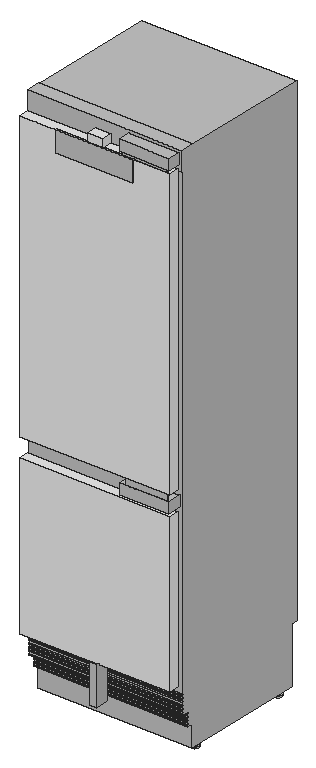
Revit family "FP-Revit18-RS2484WRUK1-FridgeFreezer-0-CA-US-90001070A", category Specialty Equipment, Revit 2020
Family settings
  Round Connector Dimension = Use Diameter
  Part Type = Normal
  OmniClass Number = 23.40.40.11.11
  OmniClass Title = Refrigerators and Freezers
  Work Plane-Based = No
  Always vertical = Yes
  Cut with Voids When Loaded = Yes
  Shared = No
  Room Calculation Point = No
Parameters (values of type "RS2484WRUE1")
  Visibility - Water Connection = yes
  Visibility - Visibility Control Note = yes
  Visibility - Clearance Required = yes
  URL = "www.fisherpaykel.com"
  Stainless Steel Door Panels (RD2484WRD) = no
  Product - Width = 603 mm  # constant formula
  Product - Height = 2134 mm  # constant formula
  Product - Depth (exl front panel) = 610 mm  # constant formula
  Model = "RS2484WRUE1"
  Material - Handle = Fisher & Paykel - Aluminium
  Material - Door Structure = Fisher & Paykel - White
  Material - Door Front = Fisher & Paykel - Stainless Steel
  Material - Body = Fisher & Paykel - Grey
  Manufacturer = "Fisher & Paykel Appliances"
  Handle Style - Professional Square (AHV2RD2484W) = no
  Handle Style - Professional Round Flush (AHP3RD2484W) = no
  Handle Style - Professional Round (AHCRD2484W) = no
  Handle Style - Contemporary Square Fine Black (AHD5RD2484WB) = no
  Handle Style - Contemporary Square Fine (AHD5RD2484W) = no
  Handle Style - Contemporary Square (AHD3RD2484W) = no
  Handle Style - Contemporary Round (AHSRD2484W) = no
  Description = "24\" Integrated Column Refrigerator/Freezer with Ice & Water"
  Default Elevation = 0 mm
  Connector Description - Water = "1/4\" (6mm) comp. stainless steel braided hose"
  Connector Description - Electrical = "120 V, 10 amp fused electrical supply"
  Cavity - Width = 610 mm  # constant formula
  Cavity - Height = 2134 mm  # constant formula
  Cavity - Depth = 635 mm  # constant formula
Reference planes
  plane 1 "Datum": y = 0
  plane 2: z = 0
  plane 3 "Center (Left/Right)": x = 0
  plane 4 "Product LHS": x = -301.5
  plane 5 "Product RHS": x = 301.5
  plane 6 "Product - Depth": y = 610
  plane 7 "Cavity LHS": x = -305
  plane 8 "Cavity RHS": x = 305
  plane 9 "Cavity - Depth": y = 635
  plane 10 "Handle Offset": x = -238.5
  plane 11 "Product Height": z = 2134
  plane 12 "Cavity Height": z = 2134
  plane 13 "Door Panel Datum": y = -4.1
Forms (mm)
  Extrusion 1, solid, material "Fisher & Paykel - Grey" <- "Material - Body", detail levels fine
    sketch origin (0, 0, 0) x (0, 1, 0) y (0, 0, 1)
      loop
        line (100.1, 19.1) -> (587.9, 19.1) -> (587.9, 239.7) -> (610, 239.7) -> (610, 2132.3) -> (105.1, 2132.3) -> (105.1, 2134) -> (49.9, 2134) -> (49.9, 2059) -> (56, 2059) -> (56, 228.6) -> (59.5, 228.6) -> (59.5, 219.7) -> (56.5, 219.7) -> (56.5, 215.9) -> (59.5, 215.9) -> (59.5, 207) -> (56.5, 207) -> (56.5, 203.2) -> (59.5, 203.2) -> (59.5, 194.3) -> (56.5, 194.3) -> (56.5, 190.5) -> (59.5, 190.5) -> (59.5, 181.6) -> (56.5, 181.6) -> (56.5, 177.8) -> (59.5, 177.8) -> (59.5, 168.9) -> (56.5, 168.9) -> (56.5, 165.1) -> (59.5, 165.1) -> (59.5, 156.2) -> (56.5, 156.2) -> (56.5, 152.4) -> (84.1, 152.4) -> (84.1, 143.5) -> (81.1, 143.5) -> (81.1, 139.7) -> (84.1, 139.7) -> (84.1, 130.8) -> (81.1, 130.8) -> (81.1, 127) -> (84.1, 127) -> (84.1, 118.1) -> (81.1, 118.1) -> (81.1, 114.3) -> (84.1, 114.3) -> (84.1, 105.4) -> (81.1, 105.4) -> (81.1, 101.6) -> (100.1, 101.6) -> (100.1, 19.1)
    from -301.5 to 301.5
  Extrusion 2, solid, material "Fisher & Paykel - Grey" <- "Material - Body"
    sketch origin (0, 0, 0) x (1, 0, 0) y (0, 1, 0)
      loop
        circle (-281, 547.8) r 4.1
      loop
        circle (-281, 141.8) r 4.1
      loop
        circle (281, 547.8) r 4.1
      loop
        circle (281, 141.8) r 4.1
    from 3 to 19.1
  Extrusion 3, solid, material "Fisher & Paykel - Grey" <- "Material - Body"
    sketch origin (0, 0, 0) x (1, 0, 0) y (0, 1, 0)
      loop
        circle (-281, 547.8) r 14.5
      loop
        circle (-281, 141.8) r 14.555
      loop
        circle (281, 547.8) r 14.5
      loop
        circle (281, 141.8) r 14.555
    from 0 to 3
  Extrusion 4, solid, material "Fisher & Paykel - Grey" <- "Material - Body", detail levels fine
    sketch origin (0, 0, 0) x (1, 0, 0) y (0, 1, 0)
      loop
        line (-7.5, 49) -> (-13.797, -4.1) -> (13.797, -4.1) -> (7.5, 49) -> (-7.5, 49)
    from 104.2 to 253.8
  Extrusion 5, solid, material "Fisher & Paykel - Grey" <- "Material - Body", detail levels fine
    sketch origin (0, 0, 0) x (1, 0, 0) y (0, 0, 1)
      loop
        line (289.9, 2123.15) -> (95.42, 2123.15) -> (95.42, 2081.05) -> (289.9, 2081.05) -> (289.9, 2123.15)
    from -49 to -2.5
  Extrusion 6, solid, material "Fisher & Paykel - Grey" <- "Material - Body", detail levels fine
    sketch origin (0, 0, 0) x (0, 1, 0) y (0, 0, 1)
      loop
        line (0, 2070.6) -> (0, 1988.6) -> (2, 1988.6) -> (2, 2068.6) -> (4, 2068.6) -> (4, 2070.6) -> (0, 2070.6)
    from -150 to 150
  Extrusion 7, solid, material "Fisher & Paykel - Grey" <- "Material - Body"
    sketch origin (0, 0, 0) x (1, 0, 0) y (0, 0, 1)
      loop
        circle (226.5, 119.813) r 5
      loop
        circle (-226.5, 119.813) r 5
    from -590 to -587.9
  Extrusion 8, solid, material "Fisher & Paykel - White" <- "Material - Door Structure"
    sketch origin (0, 0, 0) x (1, 0, 0) y (0, 1, 0)
      loop
        line (-276.5, 56) -> (-276.5, 42) -> (276.5, 42) -> (276.5, 56) -> (-276.5, 56)
    from 951.3 to 2030.7
  Extrusion 9, solid, material "Fisher & Paykel - White" <- "Material - Door Structure"
    sketch origin (0, 0, 0) x (1, 0, 0) y (0, 1, 0)
      loop
        line (-292.9, 42) -> (-292.9, 3) -> (292.9, 3) -> (292.9, 42) -> (-292.9, 42)
    from 943.8 to 2068.6
  Extrusion 10, solid, material "Fisher & Paykel - White" <- "Material - Door Structure", detail levels fine
    sketch origin (0, 0, 0) x (1, 0, 0) y (0, 0, 1)
      loop
        line (-29.5, 2100.1) -> (-29.5, 2068.6) -> (29.5, 2068.6) -> (29.5, 2100.1) -> (-29.5, 2100.1)
    from -42 to -3
  Extrusion 11, solid, material "Fisher & Paykel - Stainless Steel" <- "Material - Door Front", visible <- "Stainless Steel Door Panels (RD2484WRD)"
    sketch origin (0, 0, 0) x (0, 1, 0) y (0, 0, 1)
      loop
        line (-22.1, 2130.8) -> (-22.1, 876.3) -> (-4.1, 876.3) -> (-4.1, 2130.8) -> (-22.1, 2130.8)
      loop
        line (-22.1, 102) -> (-4.1, 102) -> (-4.1, 873.1) -> (-22.1, 873.1) -> (-22.1, 102)
    from -301.5 to 301.5
  Extrusion 12, solid, material "Fisher & Paykel - Grey" <- "Material - Body", detail levels coarse+medium
    sketch origin (0, 0, 0) x (0, 1, 0) y (0, 0, 1)
      loop
        line (49.9, 2134) -> (49.9, 2059) -> (56, 2059) -> (56, 152.4) -> (81.1, 152.4) -> (81.1, 101.6) -> (100.1, 101.6) -> (100.1, 19.1) -> (587.9, 19.1) -> (587.9, 239.7) -> (610, 239.7) -> (610, 2134) -> (49.9, 2134)
    from -301.5 to 301.5
  Extrusion 13, solid, material "Fisher & Paykel - Grey" <- "Material - Body", detail levels fine
    sketch origin (0, 0, 0) x (1, 0, 0) y (0, 0, 1)
      loop
        line (289.9, 877.25) -> (289.9, 919.35) -> (95.42, 919.35) -> (95.42, 877.25) -> (289.9, 877.25)
    from -56 to -2.5
  Extrusion 14, solid, material "Fisher & Paykel - Grey" <- "Material - Body", detail levels fine
    sketch origin (0, 0, -4) x (0, 1, 0) y (0, 0, 1)
      loop
        arc (163.888, 23.1) -> (180.4, 13.63) -> (196.912, 23.1) r 19.13
        line (196.912, 23.1) -> (163.888, 23.1)
      loop
        arc (493.888, 23.1) -> (510.4, 13.63) -> (526.912, 23.1) r 19.13
        line (526.912, 23.1) -> (493.888, 23.1)
    from 191 to 219
  Extrusion 15, solid, material "Fisher & Paykel - Grey" <- "Material - Body", detail levels fine
    sketch origin (0, 0, -4) x (0, 1, 0) y (0, 0, -1)
      loop
        line (163.888, -23.1) -> (196.912, -23.1)
        arc (196.912, -23.1) -> (180.4, -13.63) -> (163.888, -23.1) r 19.13
      loop
        line (493.888, -23.1) -> (526.912, -23.1)
        arc (526.912, -23.1) -> (510.4, -13.63) -> (493.888, -23.1) r 19.13
    from 191 to 219
  Extrusion 16, solid, material "Fisher & Paykel - Clearance Required", visible <- "Visibility - Clearance Required", detail levels coarse
    sketch origin (0, 0, 0) x (1, 0, 0) y (0, 1, 0)
      loop
        line (-305, 635) -> (-305, -4.1) -> (305, -4.1) -> (305, 635) -> (-305, 635)
    from 0 to 2134
  Extrusion 17, void
    sketch origin (0, 0, 0) x (1, 0, 0) y (0, 1, 0)
      loop
        line (-305, 635) -> (-305, -22.1) -> (305, -22.1) -> (305, 635) -> (-305, 635)
    from 0 to 2134
  Extrusion 18, solid, material "Fisher & Paykel - Grey" <- "Material - Body", detail levels fine
    sketch origin (0, 0, 0) x (1, 0, 0) y (0, 0, 1)
      loop
        line (118.4, 943.8) -> (118.4, 919.35) -> (282.9, 919.35) -> (282.9, 943.8) -> (118.4, 943.8)
      loop
        line (106, 2081.05) -> (106, 2068.6) -> (282.9, 2068.6) -> (282.9, 2076.05) -> (242.9, 2081.05) -> (106, 2081.05)
    from -7 to -4
  Extrusion 19, solid, material "Fisher & Paykel - White" <- "Material - Door Structure"
    sketch origin (0, 0, 0) x (1, 0, 0) y (0, 1, 0)
      loop
        line (-292.9, 42) -> (-292.9, 3) -> (292.9, 3) -> (292.9, 42) -> (-292.9, 42)
    from 253.8 to 868.15
  Extrusion 20, solid, material "Fisher & Paykel - White" <- "Material - Door Structure"
    sketch origin (0, 0, 0) x (1, 0, 0) y (0, 1, 0)
      loop
        line (-276.5, 56) -> (-276.5, 42) -> (276.5, 42) -> (276.5, 56) -> (-276.5, 56)
    from 269.2 to 858.13
  Extrusion 21, solid, material "Fisher & Paykel - Clearance Required", visible <- "Visibility - Clearance Required", detail levels coarse
    sketch origin (0, 0, 0) x (0, 1, 0) y (0, 0, 1)
      loop
        line (-422.1, 873.1) -> (-422.1, 818.896) -> (-482.1, 818.896) -> (-482.1, 781.896) -> (-422.1, 781.896) -> (-422.1, 101.6) -> (-22.1, 101.6) -> (-22.1, 873.1) -> (-422.1, 873.1)
    from -305 to 305
  Extrusion 22, solid, material "Fisher & Paykel - Clearance Required", visible <- "Visibility - Clearance Required", detail levels coarse
    sketch origin (0, 0, 0) x (1, 0, 0) y (0, 1, 0)
      loop
        line (301.5, -22.1) -> (-301.5, -22.1)
        arc (-301.5, -22.1) -> (-14.693, -560.645) -> (593.641, -607.752) r 633.927
        line (593.641, -607.752) -> (571.638, -560.412) -> (599.086, -547.613)
        arc (599.086, -547.613) -> (608.033, -523.032) -> (583.452, -514.085) r 18.497
        line (583.452, -514.085) -> (556.046, -526.865) -> (339.359, -60.653)
        arc (339.359, -60.653) -> (304.469, -57.05) -> (301.5, -22.1) r 27.5
    from 876.3 to 2134
Lines and regions (mm)
  model lines, style "Fisher & Paykel"
    curve 1: line (-301.5, 0, 2130.8) -> (301.5, 0, 2130.8)
    curve 2: line (-301.5, 0, 876.3) -> (-301.5, 0, 2130.8)
    curve 3: line (301.5, 0, 876.3) -> (-301.5, 0, 876.3)
    curve 4: line (301.5, 0, 2130.8) -> (301.5, 0, 876.3)
    curve 5: line (301.5, 0, 873.1) -> (-301.5, 0, 873.1)
    curve 6: line (301.5, 0, 102) -> (301.5, 0, 873.1)
    curve 7: line (-301.5, 0, 102) -> (301.5, 0, 102)
    curve 8: line (-301.5, 0, 873.1) -> (-301.5, 0, 102)
Text (mm)
  text "Due to ongoing product development, product details are subject to change without notice. \nPlease always refer to www.fisherpaykel.com for the most current product information. \n© Fisher & Paykel 2020" at (41.04, -678.295, 0), in view "Ref. Level (Plan)"
Dimensions and locks
  equal spacing: plane 4 "Product LHS", plane 3 "Center (Left/Right)", plane 5 "Product RHS"
  "Product - Width": plane 4 "Product LHS" to plane 5 "Product RHS"
  "Product - Depth (exl front panel)": plane 1 "Datum" to plane 6 "Product - Depth"
  equal spacing: plane 7 "Cavity LHS", plane 3 "Center (Left/Right)", plane 8 "Cavity RHS"
  "Cavity - Width": plane 7 "Cavity LHS" to plane 8 "Cavity RHS"
  "Cavity - Depth": plane 9 "Cavity - Depth" to plane 1 "Datum"
  plane 4 "Product LHS" to Extrusion 2 sketch curve = 24.6 mm
  plane 4 "Product LHS" to plane 10 "Handle Offset" = 63 mm
  Extrusion 7 sketch curve to Extrusion 1 = 119.887 mm  (x2)
  Extrusion 7 sketch curve to plane 5 "Product RHS" = 75 mm
  plane 4 "Product LHS" to Extrusion 7 sketch curve = 75 mm
  Extrusion 1 sketch curve to Extrusion 1 sketch curve = 82.5 mm
  Extrusion 1 sketch curve to Extrusion 1 sketch curve = 209.5 mm
  Extrusion 1 sketch curve to Extrusion 1 sketch curve = 220.6 mm
  Extrusion 3 to level = 3 mm
  Extrusion 12 to Extrusion 9 = 924.7 mm
  Extrusion 12 to Extrusion 8 = 932.2 mm
  Extrusion 12 to Extrusion 12 = 2114.9 mm
  Extrusion 12 to Extrusion 11 = 82.9 mm
  "Product - Height": level to plane 11 "Product Height"
  plane 11 "Product Height" to Extrusion 11 = 3.2 mm
  Extrusion 9 to plane 11 "Product Height" = 65.4 mm
  Extrusion 8 to plane 11 "Product Height" = 103.3 mm
  Extrusion 12 sketch curve to plane 11 "Product Height" = 75 mm
  Extrusion 1 sketch curve to plane 11 "Product Height" = 1.7 mm
  Extrusion 1 sketch curve to plane 11 "Product Height" = 75 mm
  "Cavity - Height": plane 12 "Cavity Height" to level
  plane 1 "Datum" to Extrusion 16 = 635 mm
  plane 1 "Datum" to Extrusion 17 = 635 mm
  Extrusion 18 sketch curve to Extrusion 18 sketch curve = 40 mm
  Extrusion 18 sketch curve to plane 3 "Center (Left/Right)" = 106 mm
  Extrusion 18 sketch curve to Extrusion 18 sketch curve = 176.9 mm
  Extrusion 18 sketch curve to plane 3 "Center (Left/Right)" = 118.4 mm
  plane 3 "Center (Left/Right)" to Extrusion 18 sketch curve = 282.9 mm
  Extrusion 17 to level = 2134 mm
  radius of Extrusion 7 sketch curve = 5 mm
  aligned and locked: level to plane 2
  aligned and locked: Extrusion 11 to plane 5 "Product RHS"
  aligned and locked: plane 4 "Product LHS" to Extrusion 11
  aligned and locked: Extrusion 12 to plane 5 "Product RHS"
  aligned and locked: Extrusion 12 to plane 4 "Product LHS"
  aligned and locked: Extrusion 12 sketch curve to plane 11 "Product Height"
  aligned and locked: plane 11 "Product Height" to Extrusion 1 sketch curve
  aligned and locked: Extrusion 14 sketch curve to Extrusion 14 sketch curve
  aligned and locked: Extrusion 15 sketch curve to Extrusion 15 sketch curve
  aligned and locked: Extrusion 1 to plane 5 "Product RHS"
  aligned and locked: plane 4 "Product LHS" to Extrusion 1
  aligned and locked: nested 2 to plane 10 "Handle Offset"
  aligned and locked: nested 3 to plane 10 "Handle Offset"
  aligned and locked: nested 4 to plane 10 "Handle Offset"
  aligned and locked: nested 5 to plane 10 "Handle Offset"
  aligned and locked: nested 6 to plane 10 "Handle Offset"
  aligned and locked: nested 7 to plane 10 "Handle Offset"
  aligned and locked: nested 8 to plane 10 "Handle Offset"
Automatic sketch dimensions
  Extrusion 1 sketch curve to plane 6 "Product - Depth" = 0 mm
  Extrusion 1 sketch curve to Extrusion 1 sketch curve = 22.1 mm
  Extrusion 1 sketch curve to plane 1 "Datum" = 105.1 mm
  level to Extrusion 1 sketch curve = 19.1 mm
  Extrusion 1 sketch curve to plane 1 "Datum" = 100.1 mm
  Extrusion 1 sketch curve to Extrusion 1 sketch curve = 16 mm
  Extrusion 1 sketch curve to Extrusion 1 sketch curve = 0 mm  (x8)
  Extrusion 1 sketch curve to Extrusion 1 sketch curve = 3 mm  (x10)
  Extrusion 1 sketch curve to plane 1 "Datum" = 59.5 mm
  Extrusion 1 sketch curve to plane 1 "Datum" = 56 mm
  Extrusion 1 sketch curve to plane 1 "Datum" = 49.9 mm
  Extrusion 1 sketch curve to Extrusion 1 sketch curve = 3.8 mm  (x10)
  Extrusion 1 sketch curve to Extrusion 1 sketch curve = 8.9 mm  (x9)
  Extrusion 2 sketch curve to plane 4 "Product LHS" = 20.5 mm  (x2)
  plane 5 "Product RHS" to Extrusion 2 sketch curve = 20.5 mm  (x2)
  Extrusion 2 sketch curve to plane 1 "Datum" = 141.8 mm  (x2)
  Extrusion 2 sketch curve to plane 6 "Product - Depth" = 62.2 mm  (x2)
  Extrusion 3 sketch curve to plane 4 "Product LHS" = 20.5 mm  (x2)
  plane 5 "Product RHS" to Extrusion 3 sketch curve = 20.5 mm  (x2)
  Extrusion 3 sketch curve to plane 1 "Datum" = 141.8 mm  (x2)
  Extrusion 3 sketch curve to plane 6 "Product - Depth" = 62.2 mm  (x2)
  plane 1 "Datum" to Extrusion 4 sketch curve = 4.1 mm
  Extrusion 4 sketch curve to plane 3 "Center (Left/Right)" = 13.797 mm
  Extrusion 4 sketch curve to plane 3 "Center (Left/Right)" = 7.5 mm
  plane 3 "Center (Left/Right)" to Extrusion 4 sketch curve = 7.5 mm
  plane 3 "Center (Left/Right)" to Extrusion 4 sketch curve = 13.797 mm
  Extrusion 4 sketch curve to plane 1 "Datum" = 49 mm
  plane 11 "Product Height" to Extrusion 5 sketch curve = 10.85 mm
  plane 3 "Center (Left/Right)" to Extrusion 5 sketch curve = 95.42 mm
  plane 5 "Product RHS" to Extrusion 5 sketch curve = 11.6 mm
  Extrusion 5 sketch curve to Extrusion 5 sketch curve = 42.1 mm
  Extrusion 6 sketch curve to plane 1 "Datum" = 0 mm
  Extrusion 6 sketch curve to plane 1 "Datum" = 2 mm
  Extrusion 6 sketch curve to Extrusion 6 sketch curve = 2 mm  (x2)
  plane 11 "Product Height" to Extrusion 6 sketch curve = 145.4 mm
  plane 11 "Product Height" to Extrusion 6 sketch curve = 65.4 mm
  Extrusion 8 sketch curve to plane 4 "Product LHS" = 25 mm
  plane 5 "Product RHS" to Extrusion 8 sketch curve = 25 mm
  Extrusion 8 sketch curve to plane 1 "Datum" = 42 mm
  Extrusion 8 sketch curve to Extrusion 8 sketch curve = 14 mm
  Extrusion 9 sketch curve to plane 1 "Datum" = 3 mm
  Extrusion 9 sketch curve to plane 4 "Product LHS" = 8.6 mm
  plane 5 "Product RHS" to Extrusion 9 sketch curve = 8.6 mm
  Extrusion 9 sketch curve to Extrusion 9 sketch curve = 39 mm
  Extrusion 10 sketch curve to plane 3 "Center (Left/Right)" = 29.5 mm
  plane 3 "Center (Left/Right)" to Extrusion 10 sketch curve = 29.5 mm
  plane 11 "Product Height" to Extrusion 10 sketch curve = 65.4 mm
  Extrusion 10 sketch curve to Extrusion 10 sketch curve = 31.5 mm
  Extrusion 12 sketch curve to plane 6 "Product - Depth" = 0 mm
  Extrusion 12 sketch curve to plane 6 "Product - Depth" = 22.1 mm
  Extrusion 12 sketch curve to plane 1 "Datum" = 100.1 mm
  Extrusion 12 sketch curve to Extrusion 12 sketch curve = 19 mm
  Extrusion 12 sketch curve to plane 1 "Datum" = 56 mm
  Extrusion 12 sketch curve to plane 1 "Datum" = 49.9 mm
  level to Extrusion 12 sketch curve = 239.7 mm
  level to Extrusion 12 sketch curve = 152.4 mm
  Extrusion 12 sketch curve to Extrusion 12 sketch curve = 50.8 mm
  level to Extrusion 12 sketch curve = 19.1 mm
  plane 3 "Center (Left/Right)" to Extrusion 13 sketch curve = 95.42 mm
  plane 5 "Product RHS" to Extrusion 13 sketch curve = 11.6 mm
  level to Extrusion 13 sketch curve = 877.25 mm
  Extrusion 13 sketch curve to Extrusion 13 sketch curve = 42.1 mm
  level to Extrusion 14 sketch curve = 19.1 mm
  Extrusion 14 sketch curve to plane 1 "Datum" = 163.888 mm
  Extrusion 14 sketch curve to Extrusion 14 sketch curve = 16.512 mm  (x2)
  Extrusion 14 sketch curve to plane 6 "Product - Depth" = 116.112 mm
  Extrusion 14 sketch curve to Extrusion 14 sketch curve = 9.66 mm  (x2)
  level to Extrusion 15 sketch curve = 19.1 mm
  Extrusion 15 sketch curve to plane 1 "Datum" = 163.888 mm
  Extrusion 15 sketch curve to Extrusion 15 sketch curve = 16.512 mm  (x2)
  Extrusion 15 sketch curve to plane 6 "Product - Depth" = 116.112 mm
  Extrusion 15 sketch curve to Extrusion 15 sketch curve = 9.66 mm  (x2)
  Extrusion 16 sketch curve to plane 7 "Cavity LHS" = 0 mm
  Extrusion 16 sketch curve to plane 8 "Cavity RHS" = 0 mm
  Extrusion 16 sketch curve to plane 9 "Cavity - Depth" = 0 mm
  plane 1 "Datum" to Extrusion 16 sketch curve = 4.1 mm
  Extrusion 17 sketch curve to plane 7 "Cavity LHS" = 0 mm
  Extrusion 17 sketch curve to plane 8 "Cavity RHS" = 0 mm
  plane 9 "Cavity - Depth" to Extrusion 17 sketch curve = 0 mm
  plane 1 "Datum" to Extrusion 17 sketch curve = 22.1 mm
  level to Extrusion 18 sketch curve = 919.35 mm
  Extrusion 18 sketch curve to Extrusion 18 sketch curve = 24.45 mm
  plane 11 "Product Height" to Extrusion 18 sketch curve = 65.4 mm
  Extrusion 18 sketch curve to Extrusion 18 sketch curve = 7.45 mm
  Extrusion 18 sketch curve to Extrusion 18 sketch curve = 5 mm
  Extrusion 19 sketch curve to plane 1 "Datum" = 3 mm
  Extrusion 19 sketch curve to plane 4 "Product LHS" = 8.6 mm
  plane 5 "Product RHS" to Extrusion 19 sketch curve = 8.6 mm
  Extrusion 19 sketch curve to Extrusion 19 sketch curve = 39 mm
  Extrusion 20 sketch curve to plane 4 "Product LHS" = 25 mm
  plane 5 "Product RHS" to Extrusion 20 sketch curve = 25 mm
  Extrusion 20 sketch curve to plane 1 "Datum" = 42 mm
  Extrusion 20 sketch curve to Extrusion 20 sketch curve = 14 mm
  plane 1 "Datum" to Extrusion 21 sketch curve = 482.1 mm
  Extrusion 21 sketch curve to Extrusion 21 sketch curve = 60 mm
  Extrusion 21 sketch curve to Extrusion 21 sketch curve = 0 mm
  plane 1 "Datum" to Extrusion 21 sketch curve = 22.1 mm
  level to Extrusion 21 sketch curve = 101.6 mm
  Extrusion 21 sketch curve to Extrusion 21 sketch curve = 680.296 mm
  Extrusion 21 sketch curve to Extrusion 21 sketch curve = 37 mm
  Extrusion 21 sketch curve to Extrusion 21 sketch curve = 54.204 mm
  Extrusion 22 sketch curve to plane 4 "Product LHS" = 0 mm
  Extrusion 22 sketch curve to plane 5 "Product RHS" = 0 mm
  Extrusion 22 sketch curve to plane 8 "Cavity RHS" = 19.09 mm
  Extrusion 22 sketch curve to Extrusion 22 sketch curve = 8.286 mm
  Extrusion 22 sketch curve to Extrusion 22 sketch curve = 15.269 mm
  Extrusion 22 sketch curve to plane 8 "Cavity RHS" = 251.046 mm
  Extrusion 22 sketch curve to Extrusion 22 sketch curve = 15.592 mm
  Extrusion 22 sketch curve to Extrusion 22 sketch curve = 27.406 mm
  Extrusion 22 sketch curve to Extrusion 22 sketch curve = 7.817 mm  (x2)
  Extrusion 22 sketch curve to Extrusion 22 sketch curve = 22.003 mm
  plane 1 "Datum" to Extrusion 22 sketch curve = 607.752 mm
  Extrusion 22 sketch curve to Extrusion 22 sketch curve = 47.34 mm
  Extrusion 22 sketch curve to Extrusion 22 sketch curve = 12.799 mm
  Extrusion 22 sketch curve to Extrusion 22 sketch curve = 16.764 mm
  Extrusion 22 sketch curve to Extrusion 22 sketch curve = 12.78 mm
  plane 1 "Datum" to Extrusion 22 sketch curve = 60.653 mm
  Extrusion 22 sketch curve to Extrusion 22 sketch curve = 22.871 mm
  plane 1 "Datum" to Extrusion 11 sketch curve = 22.1 mm
  plane 1 "Datum" to Extrusion 11 sketch curve = 4.1 mm
  level to Extrusion 11 sketch curve = 102 mm
  plane 11 "Product Height" to Extrusion 11 sketch curve = 3.2 mm
  Extrusion 11 sketch curve to Extrusion 11 sketch curve = 3.2 mm
  Extrusion 11 sketch curve to Extrusion 11 sketch curve = 771.1 mm
  Extrusion 11 sketch curve to Extrusion 11 sketch curve = 0 mm  (x2)
  plane 4 "Product LHS" to curve 1 = 0 mm
  plane 4 "Product LHS" to curve 8 = 0 mm
  plane 5 "Product RHS" to curve 4 = 0 mm
  plane 5 "Product RHS" to curve 6 = 0 mm
  level to curve 6 = 102 mm
  curve 6 to curve 6 = 771.1 mm
  curve 5 to curve 2 = 3.2 mm
  plane 11 "Product Height" to curve 2 = 3.2 mm
  radius of Extrusion 2 sketch curve = 4.1 mm  (x3)
  radius of Extrusion 3 sketch curve = 14.5 mm  (x2)
  radius of Extrusion 3 sketch curve = 14.555 mm  (x2)
  radius of Extrusion 7 sketch curve = 5 mm
Nested families
  nested 1: "Visibility Control Note 18" at (0, 0, 0), visible <- "Visibility - Visibility Control Note", type "Visibility Control Note 18"
  nested 2: "Handle Contemporary Round - Vertical" at (-238.5, -22.1, 1322.58), visible <- "Handle Style - Contemporary Round (AHSRD2484W)", type "AHSRD2484W - Contemporary round handle (1 of 2) (Vertical) 727mm"
  nested 3: "Handle Contemporary Square - Vertical" at (-238.5, -22.1, 1322.58), visible <- "Handle Style - Contemporary Square (AHD3RD2484W)", type "AHD3RD2484W - Contemporary square handle (1 of 2) (Vertical) 727mm"
  nested 4: "F&P Handle Kit - Contemporary Square Fine - Vertical" at (-238.5, -22.1, 1322.58), visible <- "Handle Style - Contemporary Square Fine Black (AHD5RD2484WB)", type "AHD5RD2484WB - Contemporary square fine black handle (1 of 2) (Vertical) 727mm"
  nested 5: "F&P Handle Kit - Contemporary Square Fine - Vertical" at (-238.5, -22.1, 1322.58), visible <- "Handle Style - Contemporary Square Fine (AHD5RD2484W)", type "AHD5RD2484W - Contemporary square fine handle (1 of 2) (Vertical) 727mm"
  nested 6: "Handle Professional Round - Vertical" at (-238.5, -22.1, 1322.58), visible <- "Handle Style - Professional Round (AHCRD2484W)", type "AHCRD2484W - Professional round handle (1 of 2) (Vertical) 661mm"
  nested 7: "Handle Professional Round Flush - Vertical" at (-238.5, -22.1, 1322.58), visible <- "Handle Style - Professional Round Flush (AHP3RD2484W)", type "AHP3RD2484W - Professional round flush handle (1 of 2) (Vertical) 677mm"
  nested 8: "Handle Professional Square - Vertical" at (-238.5, -22.1, 1322.58), visible <- "Handle Style - Professional Square (AHV2RD2484W)", type "AHV2RD2484W - Professional square handle (1 of 2) (Vertical) 727mm"
  nested 9: "Handle Contemporary Round - Horizontal" at (0, -22.1, 800.364), visible <- "Handle Style - Contemporary Round (AHSRD2484W)", type "AHSRD2484W - Contemporary round handle (2 of 2) (Horizontal) 494mm"
  nested 10: "Handle Contemporary Square - Horizontal" at (0, -22.1, 800.364), visible <- "Handle Style - Contemporary Square (AHD3RD2484W)", type "AHD3RD2484W - Contemporary square handle (2 of 2) (Horizontal) 494mm"
  nested 11: "F&P Handle Kit - Contemporary Square Fine - Horizontal" at (0, -22.1, 800.364), visible <- "Handle Style - Contemporary Square Fine Black (AHD5RD2484WB)", type "AHD5RD2484WB - Contemporary square fine black handle (2 of 2) (Horizontal) 494mm"
  nested 12: "Handle Professional Round - Horizontal" at (0, -22.1, 800.364), visible <- "Handle Style - Professional Round (AHCRD2484W)", type "AHCRD2484W - Professional round handle (2 of 2) (Horizontal) 428mm"
  nested 13: "Handle Professional Round Flush - Horizontal" at (0, -22.1, 800.364), visible <- "Handle Style - Professional Round Flush (AHP3RD2484W)", type "AHP3RD2484W - Professional round flush handle (2 of 2) (Horizontal) 443mm"
  nested 14: "Handle Professional Square - Horizontal" at (0, -22.1, 800.364), visible <- "Handle Style - Professional Square (AHV2RD2484W)", type "AHV2RD2484W - Professional square handle (2 of 2) (Horizontal) 434mm"
  nested 15: "F&P Handle Kit - Contemporary Square Fine - Horizontal" at (0, -22.1, 800.364), visible <- "Handle Style - Contemporary Square Fine (AHD5RD2484W)", type "AHD5RD2484W - Contemporary square fine handle (2 of 2) (Horizontal) 494mm"
Connectors
  electrical at (-226.5, 590, 119.813), driven by "Connector Description - Electrical"
    settings: on Extrusion 7, index 1, voltage 120 V, apparent load 0 VA, apparent load phase1 0 VA, apparent load phase2 0 VA, apparent load phase3 0 VA, power factor 1, load classification "Other", number of poles 1, system type 30, power factor state 1, is connector primary yes, connector utility no, sub classification motor no, connector description "120 V, 10 amp fused electrical supply"
  piping at (226.5, 590, 119.813), diameter 12.7, driven by "Visibility - Water Connection", driven by "Connector Description - Water"
    settings: on Extrusion 7, index 2, connector inside diameter 609.6 mm, connector length 0 mm, flow factor 0, pipe flow 0.0 L/s, pressure drop 0.0 Pa, fitting loss kfactor 0, connector angle 0.00°, fixture units 0, engagement length 0 mm, angle of deflection 0.00°, flow configuration 0, flow direction 1, fitting loss method 0, system type 20, joint type 0, gender type 0, connector reference index -1, connector utility 1, adjustable connector no, is connector primary yes, connector description "1/4\" (6mm) comp. stainless steel braided hose"
Definition of nested family "Handle Contemporary Round - Vertical"
  Parameters (values of type "AHSRS80A - Contemporary round handle (1 of 2) (Vertical) 727mm")
    URL = "www.fisherpaykel.com"
    Material - Handle = none
    Manufacturer = "Fisher & Paykel Appliances"
    Handle - Length = 727 mm
    Default Elevation = 0 mm
  Types (6, lengths in mm): name | Handle - Length
    AHS-RD21 - Contemporary round handle (Vertical) 852mm | 852
    AHSRD2484W - Contemporary round handle (1 of 2) (Vertical) 727mm | 727
    AHSRD3084W - Contemporary round handle (1 of 2) (Vertical) 727mm | 727
    AHS-RD84 - Contemporary round handle (Vertical) 852mm | 852
    AHSRS3272A - Contemporary round handle (1 of 2) (Vertical) 727mm | 727
    AHSRS80A - Contemporary round handle (1 of 2) (Vertical) 727mm | 727
  Reference planes
    plane 1 "Center (Front/Back)": y = 0
    plane 2: z = 0
    plane 3 "Center (Left/Right)": x = 0
    plane 4 "Top": z = 363.5
    plane 5 "Bottom": z = -363.5
    plane 6 "Top Standoff": z = 243.5
    plane 7 "Bottom Standoff": z = -243.5
  Forms (mm)
    Extrusion 1, solid, material <- "Material - Handle"
      sketch origin (0, 0, 0) x (1, 0, 0) y (0, 1, 0)
        loop
          circle (0, -32.3) r 8.7
      from -243.5 to 243.5
    Extrusion 2, solid, material <- "Material - Handle", detail levels fine
      sketch origin (0, 0, 0) x (1, 0, 0) y (0, 1, 0)
        loop
          line (-8.7, 0) -> (-8.7, -32.3)
          arc (-8.7, -32.3) -> (0, -41) -> (8.7, -32.3) r 8.7
          line (8.7, -32.3) -> (8.7, 0) -> (-8.7, 0)
      from 243.5 to 363.5
    Extrusion 3, solid, material <- "Material - Handle", detail levels fine
      sketch origin (0, 0, 0) x (1, 0, 0) y (0, 1, 0)
        loop
          line (-8.7, 0) -> (-8.7, -32.3)
          arc (-8.7, -32.3) -> (0, -41) -> (8.7, -32.3) r 8.7
          line (8.7, -32.3) -> (8.7, 0) -> (-8.7, 0)
      from -363.5 to -243.5
    Sweep 4, void
      path in 3D
        loop
          line (8.7, 0, -363.5) -> (8.7, -32.3, -363.5)
          arc (8.7, -32.3, -363.5) -> (0, -41, -363.5) -> (-8.7, -32.3, -363.5) r 8.7
          line (-8.7, -32.3, -363.5) -> (-8.7, 0, -363.5)
      profile origin (8.7, -16.15, -363.5) x (-1, 0, 0) y (0, 0, -1)
        loop
          line (0, 0) -> (0, -1) -> (1, 0) -> (0, 0)
    Sweep 5, void
      path in 3D
        loop
          line (-8.7, 0, 363.5) -> (-8.7, -32.3, 363.5)
          arc (-8.7, -32.3, 363.5) -> (0, -41, 363.5) -> (8.7, -32.3, 363.5) r 8.7
          line (8.7, -32.3, 363.5) -> (8.7, 0, 363.5)
      profile origin (8.7, -16.15, 363.5) x (-1, 0, 0) y (0, 0, 1)
        loop
          line (0, 0) -> (0, -1) -> (1, 0) -> (0, 0)
    Extrusion 6, solid, material <- "Material - Handle", detail levels coarse+medium
      sketch origin (0, 0, 0) x (1, 0, 0) y (0, 1, 0)
        loop
          line (-8.7, 0) -> (-8.7, -32.3)
          arc (-8.7, -32.3) -> (0, -41) -> (8.7, -32.3) r 8.7
          line (8.7, -32.3) -> (8.7, 0) -> (-8.7, 0)
      from 243.5 to 363.5
    Extrusion 7, solid, material <- "Material - Handle", detail levels coarse+medium
      sketch origin (0, 0, 0) x (1, 0, 0) y (0, 1, 0)
        loop
          line (-8.7, 0) -> (-8.7, -32.3)
          arc (-8.7, -32.3) -> (0, -41) -> (8.7, -32.3) r 8.7
          line (8.7, -32.3) -> (8.7, 0) -> (-8.7, 0)
      from -363.5 to -243.5
  Cuts and joins
    Sweep 4 cuts Extrusion 3
    Sweep 5 cuts Extrusion 2
  Lines and regions (mm)
    sketch lines
      curve 1: line (8.7, 0, -363.5) -> (8.7, -32.3, -363.5)
      curve 2: arc (-8.7, -32.3, -363.5) -> (0, -41, -363.5) -> (8.7, -32.3, -363.5) r 8.7
      curve 3: line (-8.7, -32.3, -363.5) -> (-8.7, 0, -363.5)
      curve 4: line (8.7, -32.3, 363.5) -> (8.7, 0, 363.5)
      curve 5: arc (8.7, -32.3, 363.5) -> (0, -41, 363.5) -> (-8.7, -32.3, 363.5) r 8.7
      curve 6: line (-8.7, 0, 363.5) -> (-8.7, -32.3, 363.5)
  Dimensions and locks
    equal spacing: plane 4 "Top", level, plane 5 "Bottom"
    "Handle - Length": plane 4 "Top" to plane 5 "Bottom"
    locked: plane 4 "Top" to plane 6 "Top Standoff" at 120
    locked: plane 7 "Bottom Standoff" to plane 5 "Bottom" at 120
    Extrusion 2 sketch curve to Extrusion 2 sketch curve = 17.4 mm
    Extrusion 3 sketch curve to Extrusion 3 sketch curve = 17.4 mm
    Extrusion 6 sketch curve to Extrusion 6 sketch curve = 17.4 mm
    Extrusion 7 sketch curve to Extrusion 7 sketch curve = 17.4 mm
    aligned and locked: level to plane 2
    aligned and locked: plane 4 "Top" to Extrusion 2
    aligned and locked: Extrusion 3 to plane 5 "Bottom"
    aligned and locked: plane 7 "Bottom Standoff" to Extrusion 3
    aligned and locked: Extrusion 1 to plane 7 "Bottom Standoff"
    aligned and locked: plane 6 "Top Standoff" to Extrusion 1
    aligned and locked: Extrusion 2 to Extrusion 1
    aligned and locked: Extrusion 6 to Extrusion 1
    aligned and locked: plane 4 "Top" to Extrusion 6
    aligned and locked: Extrusion 7 to Extrusion 1
    aligned and locked: Extrusion 7 to plane 5 "Bottom"
  Automatic sketch dimensions
    Extrusion 1 sketch curve to plane 3 "Center (Left/Right)" = 0 mm
    plane 1 "Center (Front/Back)" to Extrusion 1 sketch curve = 32.3 mm
    plane 1 "Center (Front/Back)" to Extrusion 2 sketch curve = 0 mm
    Extrusion 2 sketch curve to plane 3 "Center (Left/Right)" = 0 mm
    Extrusion 2 sketch curve to plane 3 "Center (Left/Right)" = 8.7 mm
    plane 1 "Center (Front/Back)" to Extrusion 2 sketch curve = 32.3 mm
    plane 1 "Center (Front/Back)" to Extrusion 3 sketch curve = 0 mm
    Extrusion 3 sketch curve to plane 3 "Center (Left/Right)" = 0 mm
    Extrusion 3 sketch curve to plane 3 "Center (Left/Right)" = 8.7 mm
    plane 1 "Center (Front/Back)" to Extrusion 3 sketch curve = 32.3 mm
    Sweep 4 sketch curve to profile plane = 0 mm  (x2)
    Sweep 4 sketch curve to profile plane = 1 mm  (x2)
    Sweep 5 sketch curve to profile plane = 0 mm  (x2)
    Sweep 5 sketch curve to profile plane = 1 mm  (x2)
    Extrusion 6 sketch curve to plane 3 "Center (Left/Right)" = 0 mm
    Extrusion 6 sketch curve to plane 3 "Center (Left/Right)" = 8.7 mm
    plane 1 "Center (Front/Back)" to Extrusion 6 sketch curve = 32.3 mm
    Extrusion 6 sketch curve to Extrusion 6 sketch curve = 32.3 mm
    Extrusion 7 sketch curve to plane 3 "Center (Left/Right)" = 0 mm
    Extrusion 7 sketch curve to plane 3 "Center (Left/Right)" = 8.7 mm
    plane 1 "Center (Front/Back)" to Extrusion 7 sketch curve = 32.3 mm
    Extrusion 7 sketch curve to Extrusion 7 sketch curve = 32.3 mm
    radius of Extrusion 1 sketch curve = 8.7 mm
Definition of nested family "Handle Contemporary Square - Vertical"
  Parameters (values of type "AHD3RS80A - Contemporary square handle (1 of 2) (Vertical) 727mm")
    URL = "www.fisherpaykel.com"
    Material - Handle = none
    Manufacturer = "Fisher & Paykel Appliances"
    Handle - Length = 727 mm
    Default Elevation = 0 mm
  Types (7, lengths in mm): name | Handle - Length
    (no name) | 727
    AHD3-RD21 - Contemporary square handle (Vertical) 852mm | 852
    AHD3RD2484W - Contemporary square handle (1 of 2) (Vertical) 727mm | 727
    AHD3RD3084W - Contemporary square handle (1 of 2) (Vertical) 727mm | 727
    AHD3-RD84 - Contemporary square handle (Vertical) 852mm | 852
    AHD3RS3272A - Contemporary square handle (1 of 2) (Vertical) 727mm | 727
    AHD3RS80A - Contemporary square handle (1 of 2) (Vertical) 727mm | 727
  Reference planes
    plane 1 "Center (Front/Back)": y = 0
    plane 2: z = 0
    plane 3 "Center (Left/Right)": x = 0
    plane 4 "Top": z = 363.5
    plane 5 "Bottom": z = -363.5
    plane 6 "Top Standoff": z = 243.5
    plane 7 "Bottom Standoff": z = -243.5
  Forms (mm)
    Extrusion 1, solid, material <- "Material - Handle", detail levels fine
      sketch origin (0, 0, 0) x (1, 0, 0) y (0, 1, 0)
        loop
          arc (-7.583, -28.701) -> (-7.89, -29.057) -> (-8, -29.514) r 1
          line (-8, -29.514) -> (-8, -40.5)
          arc (-8, -40.5) -> (-7.561, -41.561) -> (-6.5, -42) r 1.5
          line (-6.5, -42) -> (6.5, -42)
          arc (6.5, -42) -> (7.561, -41.561) -> (8, -40.5) r 1.5
          line (8, -40.5) -> (8, -29.487)
          arc (8, -29.487) -> (7.889, -29.029) -> (7.58, -28.673) r 1
          arc (7.58, -28.673) -> (-0.006, -26.256) -> (-7.583, -28.701) r 13.038
      from -363.5 to 363.5
    Extrusion 2, solid, material <- "Material - Handle", detail levels fine
      sketch origin (0, 0, 0) x (1, 0, 0) y (0, 1, 0)
        loop
          arc (7.058, -28.23) -> (7.466, -28.244) -> (7.674, -27.893) r 0.4
          line (7.674, -27.893) -> (7.674, 0) -> (-7.674, 0) -> (-7.674, -27.86)
          arc (-7.674, -27.86) -> (-7.467, -28.21) -> (-7.06, -28.198) r 0.4
          arc (-7.06, -28.198) -> (0.004, -26.156) -> (7.058, -28.23) r 13.136
      from 243.5 to 363.5
    Extrusion 3, solid, material <- "Material - Handle", detail levels fine
      sketch origin (0, 0, 0) x (1, 0, 0) y (0, 1, 0)
        loop
          arc (7.058, -28.23) -> (7.466, -28.244) -> (7.674, -27.893) r 0.4
          line (7.674, -27.893) -> (7.674, 0) -> (-7.674, 0) -> (-7.674, -27.86)
          arc (-7.674, -27.86) -> (-7.467, -28.21) -> (-7.06, -28.198) r 0.4
          arc (-7.06, -28.198) -> (0.004, -26.156) -> (7.058, -28.23) r 13.136
      from -363.5 to -243.5
    Sweep 4, void
      path in 3D
        loop
          line (-8, -29.514, 363.5) -> (-8, -40.5, 363.5)
          arc (-8, -40.5, 363.5) -> (-7.561, -41.561, 363.5) -> (-6.5, -42, 363.5) r 1.5
          line (-6.5, -42, 363.5) -> (6.5, -42, 363.5)
          arc (6.5, -42, 363.5) -> (7.561, -41.561, 363.5) -> (8, -40.5, 363.5) r 1.5
          line (8, -40.5, 363.5) -> (8, -29.487, 363.5)
      profile origin (8, -34.994, 363.5) x (-1, 0, 0) y (0, 0, 1)
        loop
          line (0, 0) -> (0, -1.3) -> (1.3, 0) -> (0, 0)
    Sweep 5, void
      path in 3D
        loop
          line (8, -29.487, -363.5) -> (8, -40.5, -363.5)
          arc (8, -40.5, -363.5) -> (7.561, -41.561, -363.5) -> (6.5, -42, -363.5) r 1.5
          line (6.5, -42, -363.5) -> (-6.5, -42, -363.5)
          arc (-6.5, -42, -363.5) -> (-7.561, -41.561, -363.5) -> (-8, -40.5, -363.5) r 1.5
          line (-8, -40.5, -363.5) -> (-8, -29.514, -363.5)
      profile origin (8, -34.994, -363.5) x (-1, 0, 0) y (0, 0, -1)
        loop
          line (0, 0) -> (0, -1.3) -> (1.3, 0) -> (0, 0)
    Extrusion 6, void
      sketch origin (0, 0, 0) x (1, 0, 0) y (0, 0, 1)
        loop
          line (-8, -362.2) -> (-8, -363.5) -> (-6.7, -363.5) -> (-8, -362.2)
        loop
          line (8, -362.2) -> (6.7, -363.5) -> (8, -363.5) -> (8, -362.2)
      from 0 to 40
    Extrusion 7, void
      sketch origin (0, 0, 0) x (1, 0, 0) y (0, 0, 1)
        loop
          line (-8, 363.5) -> (-8, 362.2) -> (-6.7, 363.5) -> (-8, 363.5)
        loop
          line (8, 363.5) -> (6.7, 363.5) -> (8, 362.2) -> (8, 363.5)
      from 0 to 40
    Extrusion 8, solid, material <- "Material - Handle", detail levels coarse+medium
      sketch origin (0, 0, 0) x (0, 1, 0) y (0, 0, 1)
        loop
          line (0, 363.5) -> (-42, 363.5) -> (-42, -363.5) -> (0, -363.5) -> (0, -243.5) -> (-26.245, -243.5) -> (-26.245, 243.5) -> (0, 243.5) -> (0, 363.5)
      from -8 to 8
  Cuts and joins
    Sweep 4, Sweep 5, Extrusion 6, Extrusion 7 cuts Extrusion 1
    Extrusion 6 cuts Extrusion 3
    Extrusion 7 cuts Extrusion 2
  Lines and regions (mm)
    sketch lines
      curve 1: line (8, -40.5, 363.5) -> (8, -29.487, 363.5)
      curve 2: arc (8, -40.5, 363.5) -> (7.561, -41.561, 363.5) -> (6.5, -42, 363.5) r 1.5
      curve 3: line (-6.5, -42, 363.5) -> (6.5, -42, 363.5)
      curve 4: arc (-6.5, -42, 363.5) -> (-7.561, -41.561, 363.5) -> (-8, -40.5, 363.5) r 1.5
      curve 5: line (-8, -29.514, 363.5) -> (-8, -40.5, 363.5)
      curve 6: line (8, -29.487, -363.5) -> (8, -40.5, -363.5)
      curve 7: arc (6.5, -42, -363.5) -> (7.561, -41.561, -363.5) -> (8, -40.5, -363.5) r 1.5
      curve 8: line (6.5, -42, -363.5) -> (-6.5, -42, -363.5)
      curve 9: arc (-8, -40.5, -363.5) -> (-7.561, -41.561, -363.5) -> (-6.5, -42, -363.5) r 1.5
      curve 10: line (-8, -40.5, -363.5) -> (-8, -29.514, -363.5)
  Dimensions and locks
    equal spacing: plane 4 "Top", level, plane 5 "Bottom"
    "Handle - Length": plane 4 "Top" to plane 5 "Bottom"
    locked: plane 4 "Top" to plane 6 "Top Standoff" at 120
    locked: plane 7 "Bottom Standoff" to plane 5 "Bottom" at 120
    aligned and locked: level to plane 2
    aligned and locked: plane 4 "Top" to Extrusion 2
    aligned and locked: Extrusion 2 to plane 6 "Top Standoff"
    aligned and locked: plane 4 "Top" to Extrusion 1
    aligned and locked: Extrusion 1 to plane 5 "Bottom"
    aligned and locked: Extrusion 3 to plane 5 "Bottom"
    aligned and locked: plane 7 "Bottom Standoff" to Extrusion 3
    aligned and locked: plane 4 "Top" to Extrusion 8 sketch curve
    aligned and locked: plane 6 "Top Standoff" to Extrusion 8 sketch curve
    aligned and locked: plane 7 "Bottom Standoff" to Extrusion 8 sketch curve
    aligned and locked: plane 5 "Bottom" to Extrusion 8 sketch curve
    aligned and locked: plane 1 "Center (Front/Back)" to Extrusion 8 sketch curve  (x2)
  Automatic sketch dimensions
    Extrusion 1 sketch curve to plane 3 "Center (Left/Right)" = 8 mm
    Extrusion 1 sketch curve to Extrusion 1 sketch curve = 1 mm  (x2)
    Extrusion 1 sketch curve to Extrusion 1 sketch curve = 1.5 mm
    plane 3 "Center (Left/Right)" to Extrusion 1 sketch curve = 0.018 mm
    plane 3 "Center (Left/Right)" to Extrusion 1 sketch curve = 6.5 mm
    plane 3 "Center (Left/Right)" to Extrusion 1 sketch curve = 7 mm
    plane 1 "Center (Front/Back)" to Extrusion 1 sketch curve = 42 mm
    Extrusion 1 sketch curve to Extrusion 1 sketch curve = 1.206 mm
    Extrusion 1 sketch curve to Extrusion 1 sketch curve = 10.986 mm
    Extrusion 1 sketch curve to Extrusion 1 sketch curve = 11.013 mm
    Extrusion 1 sketch curve to Extrusion 1 sketch curve = 0 mm
    plane 1 "Center (Front/Back)" to Extrusion 2 sketch curve = 0 mm
    Extrusion 2 sketch curve to plane 3 "Center (Left/Right)" = 7.674 mm
    Extrusion 2 sketch curve to Extrusion 2 sketch curve = 0.4 mm  (x2)
    Extrusion 2 sketch curve to plane 3 "Center (Left/Right)" = 0.026 mm
    plane 3 "Center (Left/Right)" to Extrusion 2 sketch curve = 7.274 mm
    plane 1 "Center (Front/Back)" to Extrusion 2 sketch curve = 27.86 mm
    Extrusion 2 sketch curve to Extrusion 2 sketch curve = 0.033 mm
    Extrusion 2 sketch curve to Extrusion 2 sketch curve = 11.398 mm
    Extrusion 2 sketch curve to Extrusion 2 sketch curve = 0 mm
    plane 1 "Center (Front/Back)" to Extrusion 3 sketch curve = 0 mm
    Extrusion 3 sketch curve to Extrusion 3 sketch curve = 0.4 mm  (x2)
    Extrusion 3 sketch curve to Extrusion 3 sketch curve = 7.248 mm
    Extrusion 3 sketch curve to Extrusion 3 sketch curve = 7.3 mm
    plane 1 "Center (Front/Back)" to Extrusion 3 sketch curve = 27.86 mm
    Extrusion 3 sketch curve to Extrusion 3 sketch curve = 0.033 mm
    Extrusion 3 sketch curve to Extrusion 3 sketch curve = 11.398 mm
    Extrusion 3 sketch curve to Extrusion 3 sketch curve = 0 mm
    Sweep 4 sketch curve to profile plane = 0 mm  (x2)
    Sweep 4 sketch curve to profile plane = 1.3 mm  (x2)
    Sweep 5 sketch curve to profile plane = 0 mm  (x2)
    Sweep 5 sketch curve to profile plane = 1.3 mm  (x2)
    Extrusion 6 sketch curve to plane 5 "Bottom" = 0 mm  (x2)
    plane 5 "Bottom" to Extrusion 6 sketch curve = 1.3 mm  (x2)
    Extrusion 6 sketch curve to plane 3 "Center (Left/Right)" = 8 mm
    Extrusion 6 sketch curve to Extrusion 6 sketch curve = 1.3 mm  (x2)
    plane 3 "Center (Left/Right)" to Extrusion 6 sketch curve = 8 mm
    Extrusion 7 sketch curve to plane 4 "Top" = 0 mm  (x2)
    Extrusion 7 sketch curve to plane 3 "Center (Left/Right)" = 8 mm
    Extrusion 7 sketch curve to Extrusion 7 sketch curve = 1.3 mm  (x2)
    plane 3 "Center (Left/Right)" to Extrusion 7 sketch curve = 8 mm
    Extrusion 7 sketch curve to plane 4 "Top" = 1.3 mm  (x2)
    plane 1 "Center (Front/Back)" to Extrusion 8 sketch curve = 26.245 mm
    plane 1 "Center (Front/Back)" to Extrusion 8 sketch curve = 42 mm
    Extrusion 3 sketch curve to plane 3 "Center (Left/Right)" = 7.674 mm
Definition of nested family "F&P Handle Kit - Contemporary Square Fine - Vertical"
  Parameters (values of type "AHD5RD90AB - Contemporary square fine black handle (1 of 2) (Vertical) 727mm")
    URL = "www.fisherpaykel.com"
    Material - Handle = none
    Manufacturer = "Fisher & Paykel Appliances"
    Handle - Length = 727 mm
    Default Elevation = 0 mm
  Types (14): name
    AHD5RD2484W - Contemporary square fine handle (1 of 2) (Vertical) 727mm
    AHD5RD2484WB - Contemporary square fine black handle (1 of 2) (Vertical) 727mm
    AHD5RD3084W - Contemporary square fine handle (1 of 2) (Vertical) 727mm
    AHD5RD3084WB - Contemporary square fine black handle (1 of 2) (Vertical) 727mm
    AHD5RD6121W - Contemporary square fine handle (1 of 2) (Vertical) 727mm
    AHD5RD6121WB - Contemporary square fine black handle (1 of 2) (Vertical) 727mm
    AHD5RD7621W - Contemporary square fine handle (1 of 2) (Vertical) 727mm
    AHD5RD7621WB - Contemporary square fine black handle (1 of 2) (Vertical) 727mm
    AHD5RD36A - Contemporary square fine handle (1 of 2) (Vertical) 727mm
    AHD5RD36AB - Contemporary square fine black handle (1 of 2) (Vertical) 727mm
    AHD5RD80A - Contemporary square fine handle (1 of 2) (Vertical) 727mm
    AHD5RD90A - Contemporary square fine handle (1 of 2) (Vertical) 727mm
    AHD5RD80AB - Contemporary square fine black handle (1 of 2) (Vertical) 727mm
    AHD5RD90AB - Contemporary square fine black handle (1 of 2) (Vertical) 727mm
  Reference planes
    plane 1 "Center (Front/Back)": y = 0
    plane 2: z = 0
    plane 3 "Center (Left/Right)": x = 0
    plane 4 "Top": z = 363.5
    plane 5 "Bottom": z = -363.5
    plane 6 "Top Standoff": z = 243.5
    plane 7 "Bottom Standoff": z = -243.5
  Forms (mm)
    Extrusion 1, solid, material <- "Material - Handle", detail levels fine
      sketch origin (0, 0, 0) x (1, 0, 0) y (0, 1, 0)
        loop
          arc (-6.16, -26.813) -> (-6.554, -27.196) -> (-6.686, -27.728) r 1
          line (-6.686, -27.728) -> (-6.256, -40.035)
          arc (-6.256, -40.035) -> (-5.951, -40.719) -> (-5.257, -41) r 1
          line (-5.257, -41) -> (5.257, -41)
          arc (5.257, -41) -> (5.951, -40.719) -> (6.256, -40.035) r 1
          line (6.256, -40.035) -> (6.686, -27.709)
          arc (6.686, -27.709) -> (6.554, -27.175) -> (6.158, -26.792) r 1
          arc (6.158, -26.792) -> (-0.004, -25.256) -> (-6.16, -26.813) r 13.038
      from -363.5 to 363.5
    Extrusion 2, solid, material <- "Material - Handle", detail levels fine
      sketch origin (0, 0, 0) x (1, 0, 0) y (0, 1, 0)
        loop
          arc (6.012, -26.626) -> (6.494, -26.614) -> (6.741, -26.2) r 0.5
          line (6.741, -26.2) -> (7.7, 0) -> (-7.7, 0) -> (-6.742, -26.174)
          arc (-6.742, -26.174) -> (-6.496, -26.587) -> (-6.015, -26.6) r 0.5
          arc (-6.015, -26.6) -> (0.002, -25.156) -> (6.012, -26.626) r 13.136
      from 243.5 to 363.5
    Extrusion 3, solid, material <- "Material - Handle", detail levels coarse+medium
      sketch origin (0, 0, 0) x (0, 1, 0) y (0, 0, 1)
        loop
          line (0, 363.5) -> (-42, 363.5) -> (-42, -363.5) -> (0, -363.5) -> (0, -243.5) -> (-26.245, -243.5) -> (-26.245, 243.5) -> (0, 243.5) -> (0, 363.5)
      from -8 to 8
    Extrusion 4, solid, material <- "Material - Handle", detail levels fine
      sketch origin (0, 0, 0) x (1, 0, 0) y (0, 1, 0)
        loop
          arc (6.012, -26.626) -> (6.494, -26.614) -> (6.741, -26.2) r 0.5
          line (6.741, -26.2) -> (7.7, 0) -> (-7.7, 0) -> (-6.742, -26.174)
          arc (-6.742, -26.174) -> (-6.496, -26.587) -> (-6.015, -26.6) r 0.5
          arc (-6.015, -26.6) -> (0.002, -25.156) -> (6.012, -26.626) r 13.136
      from -363.5 to -243.5
  Dimensions and locks
    equal spacing: plane 4 "Top", level, plane 5 "Bottom"
    "Handle - Length": plane 4 "Top" to plane 5 "Bottom"
    locked: plane 4 "Top" to plane 6 "Top Standoff" at 120
    locked: plane 7 "Bottom Standoff" to plane 5 "Bottom" at 120
    aligned and locked: level to plane 2
    aligned and locked: plane 4 "Top" to Extrusion 2
    aligned and locked: Extrusion 2 to plane 6 "Top Standoff"
    aligned and locked: plane 4 "Top" to Extrusion 1
    aligned and locked: Extrusion 1 to plane 5 "Bottom"
    aligned and locked: plane 4 "Top" to Extrusion 3 sketch curve
    aligned and locked: plane 6 "Top Standoff" to Extrusion 3 sketch curve
    aligned and locked: plane 7 "Bottom Standoff" to Extrusion 3 sketch curve
    aligned and locked: plane 5 "Bottom" to Extrusion 3 sketch curve
    aligned and locked: Extrusion 4 to plane 5 "Bottom"
    aligned and locked: plane 7 "Bottom Standoff" to Extrusion 4
  Automatic sketch dimensions
    Extrusion 1 sketch curve to plane 3 "Center (Left/Right)" = 6.686 mm
    Extrusion 1 sketch curve to plane 3 "Center (Left/Right)" = 6.256 mm
    Extrusion 1 sketch curve to Extrusion 1 sketch curve = 0.999 mm  (x4)
    plane 3 "Center (Left/Right)" to Extrusion 1 sketch curve = 0.018 mm
    plane 3 "Center (Left/Right)" to Extrusion 1 sketch curve = 5.257 mm
    plane 3 "Center (Left/Right)" to Extrusion 1 sketch curve = 5.687 mm
    plane 1 "Center (Front/Back)" to Extrusion 1 sketch curve = 41 mm
    Extrusion 1 sketch curve to Extrusion 1 sketch curve = 0.965 mm  (x2)
    Extrusion 1 sketch curve to Extrusion 1 sketch curve = 1.706 mm
    Extrusion 1 sketch curve to Extrusion 1 sketch curve = 12.307 mm
    Extrusion 1 sketch curve to Extrusion 1 sketch curve = 12.326 mm
    Extrusion 1 sketch curve to Extrusion 1 sketch curve = 0.035 mm  (x2)
    Extrusion 1 sketch curve to Extrusion 1 sketch curve = 0 mm
    plane 1 "Center (Front/Back)" to Extrusion 2 sketch curve = 0 mm
    Extrusion 2 sketch curve to plane 3 "Center (Left/Right)" = 7.7 mm
    Extrusion 2 sketch curve to plane 3 "Center (Left/Right)" = 6.742 mm
    Extrusion 2 sketch curve to Extrusion 2 sketch curve = 0.5 mm  (x2)
    Extrusion 2 sketch curve to plane 3 "Center (Left/Right)" = 0.026 mm
    plane 3 "Center (Left/Right)" to Extrusion 2 sketch curve = 6.242 mm
    plane 3 "Center (Left/Right)" to Extrusion 2 sketch curve = 7.7 mm
    plane 1 "Center (Front/Back)" to Extrusion 2 sketch curve = 26.155 mm
    Extrusion 2 sketch curve to Extrusion 2 sketch curve = 0.018 mm  (x2)
    Extrusion 2 sketch curve to Extrusion 2 sketch curve = 0.026 mm
    Extrusion 2 sketch curve to Extrusion 2 sketch curve = 12.11 mm
    Extrusion 2 sketch curve to Extrusion 2 sketch curve = 0 mm
    plane 1 "Center (Front/Back)" to Extrusion 3 sketch curve = 42 mm
    Extrusion 3 sketch curve to Extrusion 3 sketch curve = 15.755 mm
    Extrusion 3 sketch curve to Extrusion 3 sketch curve = 42 mm  (x2)
    Extrusion 4 sketch curve to plane 3 "Center (Left/Right)" = 7.7 mm
    Extrusion 4 sketch curve to plane 3 "Center (Left/Right)" = 6.742 mm
    Extrusion 4 sketch curve to Extrusion 4 sketch curve = 0.5 mm  (x2)
    Extrusion 4 sketch curve to plane 3 "Center (Left/Right)" = 0.026 mm
    plane 3 "Center (Left/Right)" to Extrusion 4 sketch curve = 6.242 mm
    plane 3 "Center (Left/Right)" to Extrusion 4 sketch curve = 7.7 mm
    plane 1 "Center (Front/Back)" to Extrusion 4 sketch curve = 38.291 mm
    Extrusion 4 sketch curve to Extrusion 4 sketch curve = 12.091 mm
    Extrusion 4 sketch curve to Extrusion 4 sketch curve = 0.018 mm  (x2)
    Extrusion 4 sketch curve to Extrusion 4 sketch curve = 0.452 mm
    Extrusion 4 sketch curve to Extrusion 4 sketch curve = 26.174 mm
    Extrusion 4 sketch curve to Extrusion 4 sketch curve = 0 mm
Definition of nested family "Handle Professional Round - Vertical"
  Parameters (values of type "AHCRD2484W - Professional round handle (1 of 2) (Vertical) 661mm")
    URL = "www.fisherpaykel.com"
    Material - Standoff = none
    Material - Handle = none
    Manufacturer = "Fisher & Paykel Appliances"
    Handle - Length = 661 mm
    Default Elevation = 0 mm
  Types (4, lengths in mm): name | Handle - Length
    AHCRD2484W - Professional round handle (1 of 2) (Vertical) 661mm | 661
    AHCRD3084W - Professional round handle (1 of 2) (Vertical) 661mm | 661
    AHC-RD84 - Professional round handle (Vertical) 786mm | 786
    AHCRS3272A - Professional round handle (1 of 2) (Vertical) 661mm | 661
  Reference planes
    plane 1 "Center (Front/Back)": y = 0
    plane 2: z = 0
    plane 3 "Center (Left/Right)": x = 0
    plane 4 "Top": z = 330.5
    plane 5 "Bottom": z = -330.5
    plane 6 "Top Standoff": z = 286.5
    plane 7 "Bottom Standoff": z = -286.5
  Forms (mm)
    Extrusion 1, solid, material <- "Material - Standoff", detail levels fine
      sketch origin (0, 0, 0) x (1, 0, 0) y (0, 1, 0)
        loop
          line (-18.5, 0) -> (-18.5, -41.7)
          arc (-18.5, -41.7) -> (0, -60.2) -> (18.5, -41.7) r 18.5
          line (18.5, -41.7) -> (18.5, 0) -> (-18.5, 0)
      from 286.5 to 330.5
    Extrusion 2, solid, material <- "Material - Standoff", detail levels fine
      sketch origin (0, 0, 0) x (1, 0, 0) y (0, 1, 0)
        loop
          line (-18.5, 0) -> (-18.5, -41.7)
          arc (-18.5, -41.7) -> (0, -60.2) -> (18.5, -41.7) r 18.5
          line (18.5, -41.7) -> (18.5, 0) -> (-18.5, 0)
      from -330.5 to -286.5
    Extrusion 3, solid, material <- "Material - Handle"
      sketch origin (0, 0, 0) x (1, 0, 0) y (0, 1, 0)
        loop
          circle (0, -41.7) r 12.7
      from -286.5 to 286.5
    Sweep 4, void
      path in 3D
        loop
          line (-18.5, 0, 330.5) -> (-18.5, -41.7, 330.5)
          arc (-18.5, -41.7, 330.5) -> (0, -60.2, 330.5) -> (18.5, -41.7, 330.5) r 18.5
          line (18.5, -41.7, 330.5) -> (18.5, 0, 330.5)
      profile origin (18.5, -20.85, 330.5) x (-1, 0, 0) y (0, 0, 1)
        loop
          line (0, 0) -> (0, -3) -> (3, 0) -> (0, 0)
    Sweep 5, void
      path in 3D
        loop
          line (18.5, 0, -330.5) -> (18.5, -41.7, -330.5)
          arc (18.5, -41.7, -330.5) -> (0, -60.2, -330.5) -> (-18.5, -41.7, -330.5) r 18.5
          line (-18.5, -41.7, -330.5) -> (-18.5, 0, -330.5)
      profile origin (18.5, -20.85, -330.5) x (-1, 0, 0) y (0, 0, -1)
        loop
          line (0, 0) -> (0, -3) -> (3, 0) -> (0, 0)
    Extrusion 6, solid, material <- "Material - Standoff", detail levels coarse+medium
      sketch origin (0, 0, 0) x (1, 0, 0) y (0, 1, 0)
        loop
          line (-18.5, 0) -> (-18.5, -41.7)
          arc (-18.5, -41.7) -> (0, -60.2) -> (18.5, -41.7) r 18.5
          line (18.5, -41.7) -> (18.5, 0) -> (-18.5, 0)
      from 286.5 to 330.5
    Extrusion 7, solid, material <- "Material - Standoff", detail levels coarse+medium
      sketch origin (0, 0, 0) x (1, 0, 0) y (0, 1, 0)
        loop
          line (-18.5, 0) -> (-18.5, -41.7)
          arc (-18.5, -41.7) -> (0, -60.2) -> (18.5, -41.7) r 18.5
          line (18.5, -41.7) -> (18.5, 0) -> (-18.5, 0)
      from -330.5 to -286.5
  Cuts and joins
    Sweep 4 cuts Extrusion 1
    Sweep 5 cuts Extrusion 2
  Lines and regions (mm)
    sketch lines
      curve 1: line (18.5, -41.7, 330.5) -> (18.5, 0, 330.5)
      curve 2: arc (18.5, -41.7, 330.5) -> (0, -60.2, 330.5) -> (-18.5, -41.7, 330.5) r 18.5
      curve 3: line (-18.5, 0, 330.5) -> (-18.5, -41.7, 330.5)
      curve 4: line (18.5, 0, -330.5) -> (18.5, -41.7, -330.5)
      curve 5: arc (-18.5, -41.7, -330.5) -> (0, -60.2, -330.5) -> (18.5, -41.7, -330.5) r 18.5
      curve 6: line (-18.5, -41.7, -330.5) -> (-18.5, 0, -330.5)
  Dimensions and locks
    equal spacing: plane 4 "Top", level, plane 5 "Bottom"
    "Handle - Length": plane 4 "Top" to plane 5 "Bottom"
    plane 4 "Top" to plane 6 "Top Standoff" = 44 mm
    plane 7 "Bottom Standoff" to plane 5 "Bottom" = 44 mm
    aligned and locked: level to plane 2
    aligned and locked: plane 4 "Top" to Extrusion 1
    aligned and locked: Extrusion 1 to plane 6 "Top Standoff"
    aligned and locked: Extrusion 2 to plane 5 "Bottom"
    aligned and locked: plane 7 "Bottom Standoff" to Extrusion 2
    aligned and locked: plane 6 "Top Standoff" to Extrusion 3
    aligned and locked: Extrusion 3 to plane 7 "Bottom Standoff"
    aligned and locked: plane 4 "Top" to Extrusion 6
    aligned and locked: Extrusion 7 to plane 5 "Bottom"
    aligned and locked: plane 7 "Bottom Standoff" to Extrusion 7
    aligned and locked: Extrusion 6 to plane 6 "Top Standoff"
  Automatic sketch dimensions
    plane 1 "Center (Front/Back)" to Extrusion 1 sketch curve = 0 mm
    Extrusion 1 sketch curve to plane 3 "Center (Left/Right)" = 0 mm
    Extrusion 1 sketch curve to plane 3 "Center (Left/Right)" = 18.5 mm
    plane 1 "Center (Front/Back)" to Extrusion 1 sketch curve = 41.7 mm
    plane 1 "Center (Front/Back)" to Extrusion 2 sketch curve = 0 mm
    Extrusion 2 sketch curve to plane 3 "Center (Left/Right)" = 0 mm
    Extrusion 2 sketch curve to plane 3 "Center (Left/Right)" = 18.5 mm
    plane 1 "Center (Front/Back)" to Extrusion 2 sketch curve = 41.7 mm
    Extrusion 3 sketch curve to plane 3 "Center (Left/Right)" = 0 mm
    plane 1 "Center (Front/Back)" to Extrusion 3 sketch curve = 41.7 mm
